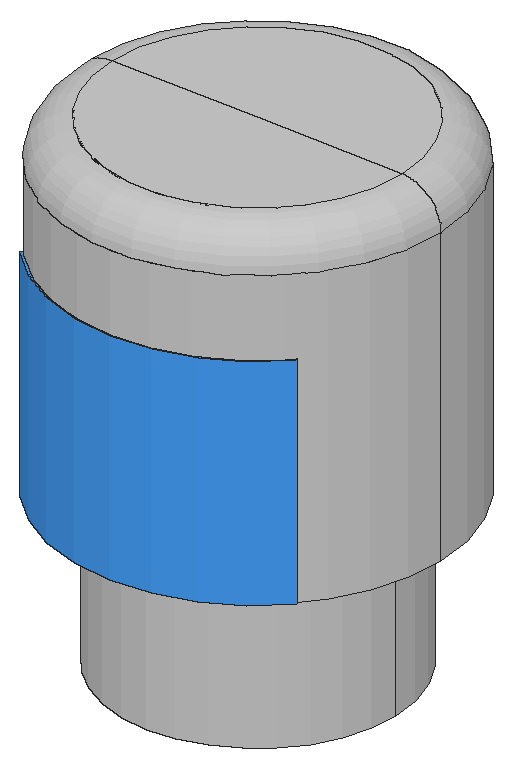
Revit family "HL_Вентиляционный клапан_HL900NECO", category Příslušenství trubek, Revit 2016
Family settings
  Typ součásti = Ventil – zalomení do
  Kóta kulaté spojky = Použít průměr
  Číslo OmniClass = 23.70.50.21
  Nadpis OmniClass = Liquid Waste Collection and Removal
  Založené na pracovní rovině = Ne
  Vždy vertikální = Ano
  Ořezat dutým tvarem při načtení = Ne
  Sdílené = Ne
Parameters
  РАЗМЕР = "DN110"
  ПРОПУСКНАЯ СПОСОБНОСТЬ = 0.0 m³/h
  ПРОИЗВОДИТЕЛЬНОСТЬ = "37 l/s"
  ПРАВОВАЯ ИНФОРМАЦИЯ = "\"Copyright (©), design rights or any other intellectual property rights, shall be the exclusive property of HL Hutterer & Lechner GmbH. Modification is not allowed. Family has been watermarked.\""
  НОМИНАЛЬНЫЙ ДИАМЕТР = 110 mm
  МАТЕРИАЛ = "PP"
  ВЕС = "0,46 kg"
  МАТЕРИАЛ 2 = Plastic - Blue
  Výrobce = "HL Hutterer & Lechner GmbH"
  URL = "http://www.hutterer-lechner.com/en/products/catalog/roof-drains/HL900NECO.aspx"
  Description = "Roof drain"
  Model = "HL900NECO"
  материал = Plactic - Gray
  Type Comments = "air admittance valve DN110 with integrated double insulation"
  Keynote = "HL900NECO"
  EAN = "9003076016839"
  Cena = 0
Types (2, lengths in mm): name | ПРАВОВАЯ ИНФОРМАЦИЯ | URL | Description | Type Comments
  (no name) | "\"Copyright (©), design rights or any other intellectual property rights, shall be the exclusive property of HL Hutterer & Lechner GmbH. Modification is not allowed. Family has been watermarked.\"" | "http://www.hutterer-lechner.com/en/products/catalog/roof-drains/HL900NECO.aspx" | "Roof drain" | "air admittance valve DN110 with integrated double insulation"
  HL_Вентиляционный клапан_HL900NECO | "\"Авторские права(©), права на дизайн или какие либо другие права интелектуальной собственности являются исключительной собственностью компании HL Hutterer & Lechner. Изменению не подлежит. Файл семейства с данными о прозводителе изделия защищен паролем с водяным знаком.\"" | "http://www.hutterer-lechner.com/ru/products/catalog/roof-drains/HL900NECO.aspx" | "Вентиляционный клапан" | "Вентиляционный клапан DN110 с вдвойне изолированной стеной"
Reference planes
  plane 1 "Střed (vpředu/vzadu)": y = 0
  plane 2: z = 0
  plane 3 "Střed (vlevo/vpravo)": x = 0
Forms (mm)
  Revolve 1, solid, material "Plactic - Gray" <- "материал", detail levels fine
    sketch origin (0, 0, 0) x (1, 0, 0) y (0, 0, 1)
      loop
        line (0, 0) -> (55.05, 0) -> (55.05, 61.506) -> (72.983, 61.506) -> (72.983, 178.595)
        arc (72.983, 178.595) -> (68.471, 189.488) -> (57.578, 194) r 15.405
        line (57.578, 194) -> (0, 194) -> (0, 0)
      axis (0, 194) -> (0, 0)
    angle from 0 to 360
  Extrusion 2, solid, material "Plastic - Blue" <- "МАТЕРИАЛ 2", detail levels fine
    sketch origin (0, 0, 0) x (1, 0, 0) y (0, 1, 0)
      loop
        line (-54.286, -48.698) -> (-54.951, -49.363)
        arc (-54.951, -49.363) -> (0.077, -73.638) -> (55.105, -49.363) r 74.509
        line (55.105, -49.363) -> (54.398, -48.656)
        arc (54.398, -48.656) -> (0.066, -72.984) -> (-54.286, -48.698) r 72.898
    from 61.506 to 148.506
Lines and regions (mm)
  model lines, detail levels coarse+medium
    curve 1: line (0, 0, 0) -> (0, 0, 100)
    curve 2: line (-100, 0, 100) -> (0, 0, 200)
    curve 3: line (100, 0, 100) -> (0, 0, 200)
  symbolic lines, detail levels coarse+medium
    curve 4: line (-100, 0, 0) -> (0, -100, 0)
    curve 5: line (100, 0, 0) -> (0, -100, 0)
Dimensions and locks
  aligned and locked: level to plane 2
Connectors
  piping at (0, 0, 0), diameter 110, driven by "ПРОПУСКНАЯ СПОСОБНОСТЬ", driven by "НОМИНАЛЬНЫЙ ДИАМЕТР"
    settings: on plane 2, index 1, connector inside diameter 609.6 mm, connector length 0 mm, flow factor 0, pipe flow 0.0 m³/h, pressure drop 0.0 Pa, fitting loss kfactor 0, connector angle 0.00°, fixture units 0, engagement length 0 mm, angle of deflection 0.00°, flow configuration 0, flow direction 0, fitting loss method 0, system type 16, joint type 0, gender type 0, connector reference index -1, connector utility 0, adjustable connector no, is connector primary yes, connector description ""
